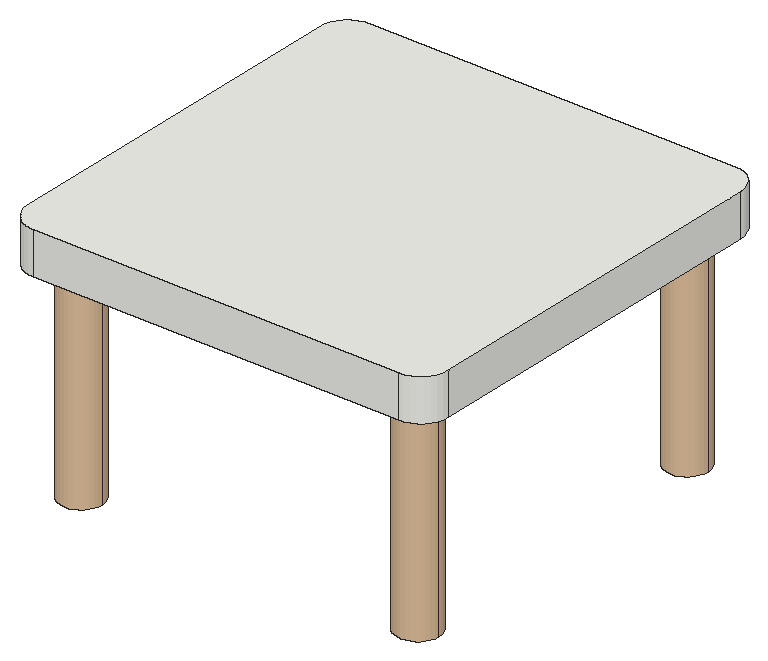
Revit family "Table-End", category Furniture, Revit 2018
Family settings
  OmniClass Number = 23.40.20.14.17
  OmniClass Title = Residential Tables and Cabinets
  Work Plane-Based = No
  Always vertical = Yes
  Cut with Voids When Loaded = No
  Shared = Yes
  Room Calculation Point = No
Parameters (values of type "30" x 30"")
  Assembly Code = "E2020200"
  Base Material = Birch
  Height = 1' - 6"
  Length = 2' - 6"
  Top Material = Laminate, Ivory, Matte
  Width = 2' - 6"
Types (4): name | Height | Length | Width
  (no name) | 1' - 6" | 2' - 6" | 2' - 6"
  24" x 24" | 2' - 6" | 2' - 0" | 2' - 0"
  30" x 30" | 1' - 6" | 2' - 6" | 2' - 6"
  24" x 36" | 2' - 6" | 2' - 0" | 3' - 0"
Reference planes (in)
  plane 1: y = 6
  plane 2: z = 0
  plane 3 "Left": x = 0.14699
  plane 4 "Right": x = 30.14699
  plane 5 "Back": y = 21
  plane 6 "Front": y = -9
  plane 7: x = 15.14699
Forms (in)
  Extrusion 1, solid, material "Laminate, Ivory, Matte" <- "Top Material"
    sketch origin (0, 0, 0) x (1, 0, 0) y (0, 1, 0)
      loop
        line (2.14699, -9) -> (28.14699, -9)
        arc (28.14699, -9) -> (29.56121, -8.41421) -> (30.14699, -7) r 2
        line (30.14699, -7) -> (30.14699, 19)
        arc (30.14699, 19) -> (29.56121, 20.41421) -> (28.14699, 21) r 2
        line (28.14699, 21) -> (2.14699, 21)
        arc (2.14699, 21) -> (0.73278, 20.41421) -> (0.14699, 19) r 2
        line (0.14699, 19) -> (0.14699, -7)
        arc (0.14699, -7) -> (0.73278, -8.41421) -> (2.14699, -9) r 2
    from 15 to 18
  Extrusion 2, solid, material "Birch" <- "Base Material"
    sketch origin (0, 0, 0) x (1, 0, 0) y (0, 1, 0)
      loop
        circle (3.14699, 18) r 1.5
      loop
        circle (3.14699, -6) r 1.5
      loop
        circle (27.14699, -6) r 1.5
      loop
        circle (27.14699, 18) r 1.5
    from 0 to 15
Lines and regions (in)
  Masking region 1
    outline origin (0, 0, 0) x (1, 0, 0) y (0, 1, 0)
      loop
        line (28.14699, 21) -> (2.14699, 21)
        arc (2.14699, 21) -> (0.73278, 20.41421) -> (0.14699, 19) r 2
        line (0.14699, 19) -> (0.14699, -7)
        arc (0.14699, -7) -> (0.73278, -8.41421) -> (2.14699, -9) r 2
        line (2.14699, -9) -> (28.14699, -9)
        arc (28.14699, -9) -> (29.56121, -8.41421) -> (30.14699, -7) r 2
        line (30.14699, -7) -> (30.14699, 19)
        arc (30.14699, 19) -> (29.56121, 20.41421) -> (28.14699, 21) r 2
Dimensions and locks (in)
  locked: Extrusion 1 to Extrusion 1 at 3
  "Height": Extrusion 1 to plane 2
  locked: Extrusion 1 to Extrusion 2 sketch curve at 3  (x8)
  "Width": plane 5 "Back" to plane 6 "Front"
  "Length": plane 3 "Left" to plane 4 "Right"
  equal spacing: plane 5 "Back", plane 1, plane 6 "Front"
  equal spacing: plane 3 "Left", plane 7, plane 4 "Right"
  radius of Extrusion 1 sketch curve = 0' - 2"  (x4)
  aligned and locked: level to plane 2
  aligned and locked: plane 6 "Front" to Extrusion 1 sketch curve
  aligned and locked: Extrusion 2 to Extrusion 1
  aligned and locked: plane 6 "Front" to Masking region 1 sketch curve
  aligned and locked: Masking region 1 sketch curve to plane 3 "Left"
  aligned and locked: plane 5 "Back" to Masking region 1 sketch curve
  aligned and locked: Masking region 1 sketch curve to plane 4 "Right"
Automatic sketch dimensions
  Extrusion 2 sketch curve to Extrusion 2 sketch curve = 0' - 1 1/2"  (x4)
  Extrusion 1 sketch curve to plane 3 "Left" = 0' - 0"
  Extrusion 1 sketch curve to plane 4 "Right" = 0' - 0"
  Extrusion 1 sketch curve to plane 5 "Back" = 0' - 0"
  Masking region 1 sketch curve to plane 5 "Back" = 0' - 2"  (x2)
  plane 3 "Left" to Masking region 1 sketch curve = 0' - 2"
  plane 4 "Right" to Masking region 1 sketch curve = 0' - 2"
